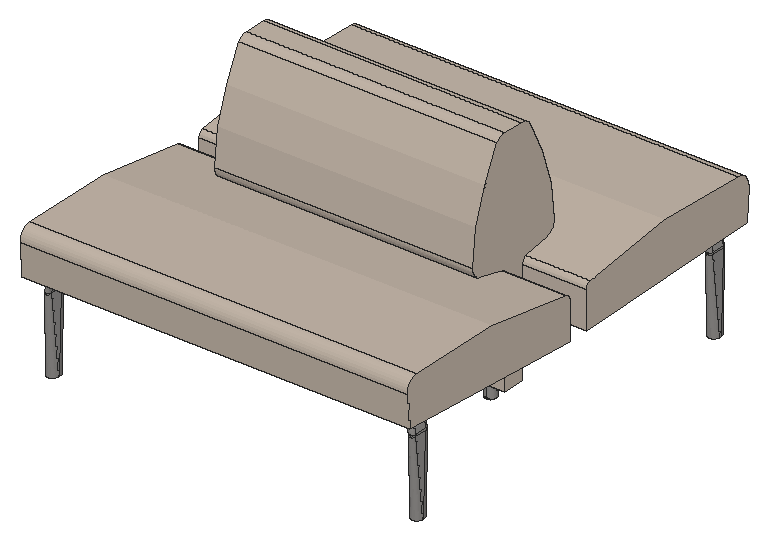
Revit family "FU_Modular_Sandler_Ambit 1045 - Copy", category Furniture, Revit 2020
Family settings
  OmniClass Number = 23.40.20.00
  OmniClass Title = General Furniture and Specialties
  Work Plane-Based = No
  Always vertical = Yes
  Cut with Voids When Loaded = No
  Shared = No
  Room Calculation Point = No
Parameters (values of type "Ambit 1055")
  Width = 1200 mm
  URL = "https://www.sandlerseating.com/product/ambit-1055/"
  Seat [instance] = Fabric - Gravity - Wheat CPC21
  Model = "Ambit 1055"
  Manufacturer = "Sandler"
  Height = 770 mm
  Frame [instance] = Metal - Paint -AL VR - Pewter
  Description = "Modular seating system. Upholstered seat and back, with feet in cast aluminium."
  Depth = 1320 mm
  Default Elevation = 0 mm
  Back [instance] = Fabric - Gravity - Wheat CPC21
Reference planes
  plane 1 "Center (Front/Back)": y = 0
  plane 2: z = 0
  plane 3 "Center (Left/Right)": x = 0
  plane 4 "Right": x = -600
  plane 5 "Left": x = 600
  plane 6 "Back": y = 660
  plane 7 "Front": y = -660
  plane 8 "Height": z = 770
  plane 9 "Seat height": z = 430
Dimensions and locks
  equal spacing: plane 4 "Right", plane 3 "Center (Left/Right)", plane 5 "Left"
  "Width": plane 4 "Right" to plane 5 "Left"
  equal spacing: plane 6 "Back", plane 1 "Center (Front/Back)", plane 7 "Front"
  "Depth": plane 6 "Back" to plane 7 "Front"
  "Height": plane 8 "Height" to level
  plane 9 "Seat height" to level = 430 mm
  aligned and locked: level to plane 2
Nested families
  nested 1: "Ambit DoubleBack" at (0, 0, 0), Back <- "Back", Frame <- "Frame", type "Ambit DoubleBack"
    with Frame Metal - Paint -AL VR - Pewter, Back Fabric - Gravity - Wheat CPC21
  nested 2: "Ambit Seat" at (0, -310, 0), Frame <- "Frame", Seat <- "Seat", type "Seat 1200mm"
    with Seat Fabric - Gravity - Wheat CPC21, Frame Metal - Paint -AL VR - Pewter
  nested 3: "Ambit Seat" at (0, 310, 0), Frame <- "Frame", Seat <- "Seat", type "Seat 1200mm"
    with Seat Fabric - Gravity - Wheat CPC21, Frame Metal - Paint -AL VR - Pewter
Definition of nested family "Ambit DoubleBack"
  Parameters (values of type "Ambit DoubleBack")
    Width = 800 mm
    Height = 770 mm
    Frame [instance] = none
    Depth = 320 mm
    Default Elevation = 0 mm
    Back [instance] = none
  Reference planes
    plane 1 "Center (Front/Back)": y = 0
    plane 2: z = 0
    plane 3 "Center (Left/Right)": x = 0
    plane 4 "Right": x = -400
    plane 5 "Left": x = 400
    plane 6 "Back": y = 160
    plane 7 "Front": y = -160
    plane 8 "Height": z = 770
    plane 9 "Seat height": z = 430
  Forms (mm)
    Revolve 1, solid, material <- "Frame"
      sketch origin (330.534, -318.685, 0) x (0, 1, 0) y (0, 0, 1)
        loop
          line (304.423, 40.637) -> (301.57, 2.1)
          arc (301.57, 2.1) -> (301.901, 0.817) -> (302.944, 0) r 2.065
          line (302.944, 0) -> (318.961, 0) -> (318.961, 48.022) -> (299.441, 48.022) -> (299.441, 46.076)
          arc (299.441, 46.076) -> (303.107, 44.432) -> (304.423, 40.637) r 5.065
        axis (318.961, 48.022) -> (318.961, 0)
      angle from 0 to 360
    Extrusion 2, solid, material <- "Frame"
      sketch origin (-0.482, -318.685, 51.603) x (0, -1, 0) y (1, 0, 0)
        loop
          arc (-347.852, 290.046) -> (-347.258, 288.613) -> (-345.824, 288.019) r 2.027
          line (-345.824, 288.019) -> (-291.875, 288.019)
          arc (-291.875, 288.019) -> (-290.444, 288.611) -> (-289.852, 290.042) r 2.023
          line (-289.852, 290.042) -> (-289.852, 372.037)
          arc (-289.852, 372.037) -> (-290.431, 373.436) -> (-291.83, 374.016) r 1.978
          line (-291.83, 374.016) -> (-345.837, 374.016)
          arc (-345.837, 374.016) -> (-347.262, 373.426) -> (-347.852, 372.001) r 2.015
          line (-347.852, 372.001) -> (-347.852, 290.046)
      from -5.528 to 0
    Revolve 3, solid, material <- "Frame"
      sketch origin (-330.534, -318.685, 0) x (0, 1, 0) y (0, 0, -1)
        loop
          arc (304.423, -40.637) -> (303.107, -44.432) -> (299.441, -46.076) r 5.065
          line (299.441, -46.076) -> (299.441, -48.022) -> (318.961, -48.022) -> (318.961, 0) -> (302.944, 0)
          arc (302.944, 0) -> (301.901, -0.817) -> (301.57, -2.1) r 2.065
          line (301.57, -2.1) -> (304.423, -40.637)
        axis (318.961, -48.022) -> (318.961, 0)
      angle from 0 to 360
    Extrusion 4, solid, material <- "Frame"
      sketch origin (0.482, -318.685, 51.603) x (0, -1, 0) y (1, 0, 0)
        loop
          line (-347.852, -290.046) -> (-347.852, -372.001)
          arc (-347.852, -372.001) -> (-347.262, -373.426) -> (-345.837, -374.016) r 2.015
          line (-345.837, -374.016) -> (-291.83, -374.016)
          arc (-291.83, -374.016) -> (-290.431, -373.436) -> (-289.852, -372.037) r 1.978
          line (-289.852, -372.037) -> (-289.852, -290.042)
          arc (-289.852, -290.042) -> (-290.444, -288.611) -> (-291.875, -288.019) r 2.023
          line (-291.875, -288.019) -> (-345.824, -288.019)
          arc (-345.824, -288.019) -> (-347.258, -288.613) -> (-347.852, -290.046) r 2.027
      from -5.528 to 0
    Extrusion 5, solid, material <- "Back"
      sketch origin (0, 0, 0) x (0, 1, 0) y (0, 0, 1)
        loop
          line (-33, 51.603) -> (33, 51.603) -> (33, 376.265)
          arc (33, 376.265) -> (37.75, 387.916) -> (48.518, 394.425) r 20
          arc (48.518, 394.425) -> (88.097, 402.963) -> (127.858, 410.609) r 1800.168
          arc (127.858, 410.609) -> (148.84, 423.03) -> (156.619, 446.139) r 35
          arc (156.619, 446.139) -> (130.105, 606.219) -> (62.425, 753.69) r 611.524
          arc (62.425, 753.69) -> (49.728, 765.652) -> (32.833, 770) r 35
          line (32.833, 770) -> (-32.833, 770)
          arc (-32.833, 770) -> (-49.728, 765.652) -> (-62.425, 753.69) r 35
          arc (-62.425, 753.69) -> (-130.105, 606.219) -> (-156.619, 446.139) r 611.524
          arc (-156.619, 446.139) -> (-148.84, 423.03) -> (-127.858, 410.609) r 35
          arc (-127.858, 410.609) -> (-88.097, 402.963) -> (-48.518, 394.425) r 1800.168
          arc (-48.518, 394.425) -> (-37.75, 387.916) -> (-33, 376.265) r 20
          line (-33, 376.265) -> (-33, 51.603)
      from -400 to 400
  Dimensions and locks
    equal spacing: plane 4 "Right", plane 3 "Center (Left/Right)", plane 5 "Left"
    "Width": plane 4 "Right" to plane 5 "Left"
    equal spacing: plane 6 "Back", plane 1 "Center (Front/Back)", plane 7 "Front"
    "Depth": plane 6 "Back" to plane 7 "Front"
    "Height": plane 8 "Height" to level
    plane 9 "Seat height" to level = 430 mm
    aligned and locked: level to plane 2
  Automatic sketch dimensions
    Revolve 1 sketch curve to level = 0 mm
    level to Revolve 1 sketch curve = 41.011 mm
    Revolve 1 sketch curve to plane 6 "Back" = 179.313 mm
    Revolve 1 sketch curve to Revolve 1 sketch curve = 0.069 mm
    level to Revolve 1 sketch curve = 2.1 mm
    Revolve 1 sketch curve to Revolve 1 sketch curve = 2.198 mm
    Revolve 1 sketch curve to Revolve 1 sketch curve = 1.373 mm
    level to Revolve 1 sketch curve = 1.947 mm
    level to Revolve 1 sketch curve = 40.637 mm
    Revolve 1 sketch curve to Revolve 1 sketch curve = 5.051 mm
    Revolve 1 sketch curve to Revolve 1 sketch curve = 15.332 mm
    Revolve 1 sketch curve to Revolve 1 sketch curve = 7.385 mm
    Revolve 1 sketch curve to Revolve 1 sketch curve = 0 mm
    Revolve 1 sketch curve to level = 4.899 mm
    Revolve 1 sketch curve to Revolve 1 sketch curve = 5 mm
    plane 5 "Left" to Extrusion 2 sketch curve = 110.435 mm
    Extrusion 2 sketch curve to plane 6 "Back" = 130.833 mm
    Extrusion 2 sketch curve to Extrusion 2 sketch curve = 2.015 mm
    Extrusion 2 sketch curve to Extrusion 2 sketch curve = 2.027 mm
    Extrusion 2 sketch curve to Extrusion 2 sketch curve = 53.95 mm
    Extrusion 2 sketch curve to Extrusion 2 sketch curve = 54.007 mm
    Extrusion 2 sketch curve to Extrusion 2 sketch curve = 2.023 mm
    plane 5 "Left" to Extrusion 2 sketch curve = 28.481 mm
    Revolve 3 sketch curve to level = 0 mm
    level to Revolve 3 sketch curve = 41.011 mm
    Revolve 3 sketch curve to plane 6 "Back" = 179.313 mm
    Revolve 3 sketch curve to Revolve 3 sketch curve = 0.069 mm
    level to Revolve 3 sketch curve = 2.1 mm
    Revolve 3 sketch curve to Revolve 3 sketch curve = 2.198 mm
    Revolve 3 sketch curve to Revolve 3 sketch curve = 1.373 mm
    level to Revolve 3 sketch curve = 1.947 mm
    level to Revolve 3 sketch curve = 40.637 mm
    Revolve 3 sketch curve to Revolve 3 sketch curve = 5.051 mm
    Revolve 3 sketch curve to Revolve 3 sketch curve = 15.332 mm
    Revolve 3 sketch curve to Revolve 3 sketch curve = 1.946 mm
    Revolve 3 sketch curve to Revolve 3 sketch curve = 0 mm
    Revolve 3 sketch curve to Revolve 3 sketch curve = 5 mm
    Revolve 3 sketch curve to level = 4.899 mm
    Extrusion 4 sketch curve to plane 4 "Right" = 110.435 mm
    Extrusion 4 sketch curve to plane 6 "Back" = 130.833 mm
    Extrusion 4 sketch curve to Extrusion 4 sketch curve = 2.015 mm
    Extrusion 4 sketch curve to Extrusion 4 sketch curve = 2.027 mm
    Extrusion 4 sketch curve to Extrusion 4 sketch curve = 53.95 mm
    Extrusion 4 sketch curve to Extrusion 4 sketch curve = 54.007 mm
    Extrusion 4 sketch curve to Extrusion 4 sketch curve = 2.023 mm
    Extrusion 4 sketch curve to plane 4 "Right" = 28.481 mm
    Extrusion 5 sketch curve to plane 8 "Height" = 0 mm
    Extrusion 5 sketch curve to plane 7 "Front" = 287.893 mm
    Extrusion 5 sketch curve to plane 9 "Seat height" = 2.863 mm  (x2)
    Extrusion 5 sketch curve to plane 7 "Front" = 294.609 mm
    plane 9 "Seat height" to Extrusion 5 sketch curve = 15.052 mm  (x2)
    plane 7 "Front" to Extrusion 5 sketch curve = 38.364 mm
    plane 1 "Center (Front/Back)" to Extrusion 5 sketch curve = 52.955 mm
    plane 1 "Center (Front/Back)" to Extrusion 5 sketch curve = 33 mm
    plane 1 "Center (Front/Back)" to Extrusion 5 sketch curve = 32.833 mm
    Extrusion 5 sketch curve to plane 1 "Center (Front/Back)" = 32.833 mm
    Extrusion 5 sketch curve to plane 1 "Center (Front/Back)" = 33 mm
    Extrusion 5 sketch curve to Extrusion 5 sketch curve = 19.955 mm
    Extrusion 5 sketch curve to plane 6 "Back" = 38.364 mm
    plane 6 "Back" to Extrusion 5 sketch curve = 294.609 mm
    plane 6 "Back" to Extrusion 5 sketch curve = 287.893 mm
    Extrusion 5 sketch curve to plane 9 "Seat height" = 53.735 mm  (x2)
    Extrusion 5 sketch curve to Extrusion 5 sketch curve = 1.342 mm  (x2)
    level to Extrusion 5 sketch curve = 51.603 mm
    Extrusion 5 sketch curve to level = 1360.883 mm
    Extrusion 5 sketch curve to Extrusion 5 sketch curve = 0 mm  (x6)
    Extrusion 5 sketch curve to Extrusion 5 sketch curve = 35 mm  (x2)
    plane 7 "Front" to Extrusion 5 sketch curve = 3.381 mm
Definition of nested family "Ambit Seat"
  Parameters (values of type "Seat 800mm")
    Width = 800 mm
    URL = ""
    Seat [instance] = none
    Model = ""
    Manufacturer = ""
    Height = 770 mm
    Frame [instance] = none
    Description = "Modular seating system."
    Depth = 700 mm
    Default Elevation = 0 mm
  Types (3, lengths in mm): name | Width
    (no name) | 800
    Seat 800mm | 800
    Seat 1200mm | 1200
  Reference planes
    plane 1 "Center (Front/Back)": y = 0
    plane 2: z = 0
    plane 3 "Center (Left/Right)": x = 0
    plane 4 "Right": x = -400
    plane 5 "Left": x = 400
    plane 6 "Back": y = 350
    plane 7 "Front": y = -350
    plane 8 "Height": z = 770
    plane 9 "Seat height": z = 430
    plane 10 "FFT C RIGHT": z = 285.404
    plane 11 "Frame Left": x = -364
    plane 12 "Frame Right": x = 364
  Forms (mm)
    SweptBlend 1, solid, material <- "Frame"
      path origin (0, -265.648, 0) x (0, 0, -1) y (1, 0, 0)
        loop
          line (0, 364.075) -> (-239.72, 364.075)
      profile "Pro_Ambit_FFoot : Pro_Ambit_FFoot" origin (364.075, -265.648, 0) x (-1, 0, 0) y (0, -1, 0)
        loop
          arc (17.452, 3.305) -> (0, 20.142) -> (-17.452, 3.305) r 17.463
          line (-17.452, 3.305) -> (-17.452, -3.305)
          arc (-17.452, -3.305) -> (0, -20.142) -> (17.452, -3.305) r 17.463
          line (17.452, -3.305) -> (17.452, 3.305)
      end profile "Pro_Ambit_FF : Pro_Ambit_FF" origin (364.075, -265.648, 239.72) x (-1, 0, 0) y (0, -1, 0)
        loop
          arc (-10, -20.066) -> (0, -30.066) -> (10, -20.066) r 10
          line (10, -20.066) -> (10, 20.066)
          arc (10, 20.066) -> (0, 30.066) -> (-10, 20.066) r 10
          line (-10, 20.066) -> (-10, -20.066)
    Sweep 2, solid, material <- "Frame"
      path origin (0, -265.648, 0) x (0, 0, -1) y (1, 0, 0)
        loop
          line (-234.72, -364.14) -> (-239.72, -364.14)
          arc (-239.72, -364.14) -> (-272.419, -345.952) -> (-285.404, -310.86) r 53.912
          line (-285.404, -310.86) -> (-285.404, 310.86)
          arc (-285.404, 310.86) -> (-272.419, 345.952) -> (-239.72, 364.14) r 53.912
          line (-239.72, 364.14) -> (-234.72, 364.14)
      profile "Pro_Ambit_FF : Pro_Ambit_FF" origin (0, -265.648, 285.404) x (0, 0, 1) y (0, -1, 0)
        loop
          arc (-10, -20.066) -> (0, -30.066) -> (10, -20.066) r 10
          line (10, -20.066) -> (10, 20.066)
          arc (10, 20.066) -> (0, 30.066) -> (-10, 20.066) r 10
          line (-10, 20.066) -> (-10, -20.066)
    SweptBlend 3, solid, material <- "Frame"
      path origin (0, -265.648, 0) x (0, 0, -1) y (-1, 0, 0)
        loop
          line (0, 364.075) -> (-239.72, 364.075)
      profile "Pro_Ambit_FFoot : Pro_Ambit_FFoot" origin (-364.075, -265.648, 0) x (-1, 0, 0) y (0, -1, 0)
        loop
          line (-17.452, 3.305) -> (-17.452, -3.305)
          arc (-17.452, -3.305) -> (0, -20.142) -> (17.452, -3.305) r 17.463
          line (17.452, -3.305) -> (17.452, 3.305)
          arc (17.452, 3.305) -> (0, 20.142) -> (-17.452, 3.305) r 17.463
      end profile "Pro_Ambit_FF : Pro_Ambit_FF" origin (-364.075, -265.648, 239.72) x (-1, 0, 0) y (0, -1, 0)
        loop
          line (-10, 20.066) -> (-10, -20.066)
          arc (-10, -20.066) -> (0, -30.066) -> (10, -20.066) r 10
          line (10, -20.066) -> (10, 20.066)
          arc (10, 20.066) -> (0, 30.066) -> (-10, 20.066) r 10
    Extrusion 4, solid, material <- "Seat"
      sketch origin (-400, 0, 0) x (0, -1, 0) y (0, 0, 1)
        loop
          line (343.115, 289.761) -> (350.038, 388.028)
          arc (350.038, 388.028) -> (340.698, 416.645) -> (314.05, 430.647) r 40
          arc (314.05, 430.647) -> (24.831, 435.731) -> (-261.468, 394.425) r 1800.168
          arc (-261.468, 394.425) -> (-272.664, 387.398) -> (-277.031, 374.923) r 20
          line (-277.031, 374.923) -> (-277.031, 260.098) -> (343.115, 289.761)
      from -800 to 0
  Dimensions and locks
    equal spacing: plane 4 "Right", plane 3 "Center (Left/Right)", plane 5 "Left"
    "Width": plane 4 "Right" to plane 5 "Left"
    equal spacing: plane 6 "Back", plane 1 "Center (Front/Back)", plane 7 "Front"
    "Depth": plane 6 "Back" to plane 7 "Front"
    "Height": plane 8 "Height" to level
    plane 9 "Seat height" to level = 430 mm
    locked: plane 4 "Right" to plane 11 "Frame Left" at 36
    locked: plane 12 "Frame Right" to plane 5 "Left" at 36
    aligned and locked: level to plane 2
    aligned and locked: plane 4 "Right" to Extrusion 4
    aligned and locked: Extrusion 4 to plane 5 "Left"
  Automatic sketch dimensions
    SweptBlend 1 sketch curve to level = 0 mm
    SweptBlend 1 sketch curve to plane 10 "FFT C RIGHT" = 45.683 mm
    Sweep 2 sketch curve to plane 10 "FFT C RIGHT" = 0 mm
    Sweep 2 sketch curve to plane 10 "FFT C RIGHT" = 45.683 mm  (x2)
    Sweep 2 sketch curve to plane 10 "FFT C RIGHT" = 53.912 mm  (x2)
    Sweep 2 sketch curve to plane 4 "Right" = 89.14 mm
    Sweep 2 sketch curve to Sweep 2 sketch curve = 5 mm  (x2)
    SweptBlend 3 sketch curve to level = 0 mm
    plane 4 "Right" to SweptBlend 3 sketch curve = 35.925 mm
    plane 10 "FFT C RIGHT" to SweptBlend 3 sketch curve = 45.683 mm
    Extrusion 4 sketch curve to Extrusion 4 sketch curve = 20 mm
    plane 7 "Front" to Extrusion 4 sketch curve = 39.864 mm
    plane 7 "Front" to Extrusion 4 sketch curve = 6.885 mm
    Extrusion 4 sketch curve to plane 7 "Front" = 0.038 mm
    Extrusion 4 sketch curve to level = 1360.883 mm
    Extrusion 4 sketch curve to plane 10 "FFT C RIGHT" = 25.306 mm
    plane 10 "FFT C RIGHT" to Extrusion 4 sketch curve = 4.357 mm
    Extrusion 4 sketch curve to plane 9 "Seat height" = 55.077 mm
    Extrusion 4 sketch curve to plane 9 "Seat height" = 41.972 mm
    Extrusion 4 sketch curve to plane 9 "Seat height" = 39.161 mm
    Extrusion 4 sketch curve to Extrusion 4 sketch curve = 0 mm
    plane 5 "Left" to SweptBlend 1 sketch curve = 35.925 mm
    plane 5 "Left" to Sweep 2 sketch curve = 89.14 mm
    Extrusion 4 sketch curve to plane 6 "Back" = 92.969 mm
    plane 1 "Center (Front/Back)" to Extrusion 4 sketch curve = 137.907 mm
